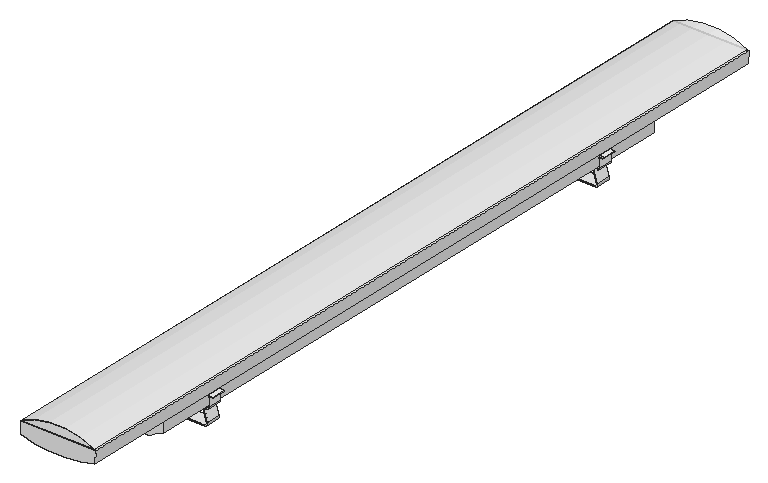
Revit family "Lighting-Industriale-GEWISS-SMART[3]PLUS-PLAFONIERA-LED_TRANSPARENTE_1200mm", category Apparecchi per illuminazione, host Superficie, Revit 2019
Family settings
  Host = Superficie
  Quota connettore circolare = Usa diametro
  Tipo di parte = Normale
  Taglio con vuoti quando caricato = No
  Sorgente d'illuminazione = Sì
  Condiviso = No
  Punto di calcolo locali = No
Parameters (values of type "GWS3223AT957 - SMART3 PLUS 1200 T.W.DALI HE TRASP 9 57")
  Wattage = 27 W
  Versione file RFA = "20.0"
  Variazione temperatura colore lampada con luminosità attenuata = (empty or 0)
  URL = "https://www.gewiss.com/it/it"
  Tipologia sorgente luminosa = "LED - Non sostituibile"
  Tipologia = "DALI"
  Tipo alimentatore = ""
  Tensione = "220-240 V "
  Temperatura di utilizzo = "-25 +50 °C"
  Temperatura di funzionamento = "-25 +50 °C"
  Temperatura di colore: = "5700 K (CRI > 90)"
  Temperatura di colore = "5700 K (CRI > 90)"
  built-in parameter 1150107 = 5700 (stored number, unit not read)
  Struttura = GEWISS - SMART 3 - GRIGIO
  Stampa 1_200 = no
  Stampa 1_100 = not(Stampa 1_200)  # yes
  Spostamento_Y_etichetta [instance] = 0 mm
  Spostamento_Y_effettivo_etichetta [instance] = 1500 mm - Spostamento_Y_etichetta  # 1500 mm
  Spostamento_X_etichetta [instance] = 0 mm
  Spostamento_X_effettivo_etichetta [instance] = 1500 mm - Spostamento_X_etichetta  # 1500 mm
  Schermo. = Gewiss - Led Acceso
  Schermo = "Trasparente"
  Scheda Tecnica = "https://www.gewiss.com/it/it/search?q=GWS3223AT957"
  SEO = "Plafoniera"
  Resistenza agli urti = "IK08"
  Default Elevation = 1219.2 mm
  Produttore = "GEWISS S.p.A."
  Potenza di sistema = "38 W"
  Peso (kg): = ""
  built-in parameter 1150110 = 1 (stored number, unit not read)
  built-in parameter 1150109 = 1 (stored number, unit not read)
  built-in parameter 1114218 = 1 (stored number, unit not read)
  built-in parameter 1150112 = 1 (stored number, unit not read)
  NÂ° LED (#) = ""
  Modello = "GWS3223AT957"
  built-in parameter 1150137 = (empty or 0)
  built-in parameter 1150132 = (empty or 0)
  Lunghezza Lampada = 1200 mm  # constant formula
  Lunghezza = "1200 mm"
  Lumen output (lm) = "4500"
  Lampada: = "LED"
  Lampada = "LED"
  LED LifeTime (L80B20) = ""
  LED Life time (L90B50) = ""
  LED Life time (L80B50) = ""
  LED Life time (L70) = ""
  built-in parameter 1150105 = 1406.7 (stored number, unit not read)
  built-in parameter 1150102 = (empty or 0)
  Type Image = GWS3136T.jpg
  built-in parameter 1150106 = 14.067 (stored number, unit not read)
  IFC.TypeObject = ""
  IFC.ExportType = ""
  IFC.ExportAs = ""
  IDT = "c46b9b55-ed1d-4068-afb8-069052944d3c"
  IDF = "6d42057e-bea4-468e-a295-0d920ddaea9f"
  Grado di protezione = "IP66/IP69"
  Glow Wire Test = "850°C"
  Garanzia = "5 anni"
  Ganci = GEWISS  - ALLUMINIO
  Flusso nominale (lm) = ""
  Lumens = 4010.63 lm
  Color Filter = 16777215
  File diagramma fotometrico = "GWS3223AT957.IES"
  built-in parameter 1114217 = 1 (stored number, unit not read)
  built-in parameter 1150139 = (empty or 0)
  Failure rate apparecchio (50.000h, Tq=25Â° C) = ""
  Failure rate apparecchio (35.000h, Tq=35Â° C) = ""
  Emetti da lunghezza linea = 1000 mm
  built-in parameter 1150104 = 13.8 (stored number, unit not read)
  built-in parameter 1150115 = 1 (stored number, unit not read)
  built-in parameter 1150114 = 1 (stored number, unit not read)
  built-in parameter 1150113 = 1 (stored number, unit not read)
  Descrizione = "SMART3 PLUS 1200 T.W.DALI HE TRASP 9 57"
  Creato da GEWISS S.p.A. = ""
  Commenti sul wattaggio = "20W"
  built-in parameter 1150134 = (empty or 0)
  built-in parameter 1150138 = (empty or 0)
  Codice Electrocod = "2434"
  Codice EAN = ""
  Classe isolamento = "II"
  Classe di efficienza LED integrati = "A ÷ A++"
  Catalogo Serie = "SMART[3] PLUS"
  Catalogo = "LIGHTING"
  Carico apparente = 20 VA
  COBie.Tagnumber = ""
  COBie.CreatedOn = ""
  COBie.CreatebBy = ""
  COBie.ComponentRegisterItemID = ""
  COBie.Component.TagNumber = ""
  COBie.Component.Space = ""
  COBie.Component.SerialNumber = ""
  COBie.Component.InstallationDate = ""
  COBie.Component.Description = ""
  COBie.Component.BarCode = ""
  Applicazione = "Interno"
  Apparecchio a ridotta temperatura superficiale = ""
  Tilt Angle = -90.00°
  built-in parameter 1150133 = 10 (stored number, unit not read)
Types (25, lengths in mm): name | Tipologia | Temperatura di colore: | Temperatura di colore | Scheda Tecnica | Potenza di sistema | Modello | Lumen output (lm) | IDT | File diagramma fotometrico | Descrizione | Commenti sul wattaggio | Carico apparente
  (no name) | "DALI" | "5700 K (CRI > 90)" | "5700 K (CRI > 90)" | "https://www.gewiss.com/it/it/search?q=GWS3223AT957" | "38 W" | "GWS3223AT957" | "4500" | "c46b9b55-ed1d-4068-afb8-069052944d3c" | "GWS3223AT957.IES" | "SMART3 PLUS 1200 T.W.DALI HE TRASP 9 57" | "20W" | 20 VA
  GWS3220AT830 - SMART3 PLUS 1200 ON/OFF HE TRASP 8 30 | "" | "3000 K (CRI > 80)" | "3000 K (CRI > 80)" | "https://www.gewiss.com/it/it/search?q=GWS3220AT830" | "36 W" | "GWS3220AT830" | "5400" | "cc03c640-083c-4dcd-9abc-138766095f55" | "GWS3220AT830.IES" | "SMART3 PLUS 1200 ON/OFF HE TRASP 8 30" | "20W" | 20 VA
  GWS3220AT840 - SMART3 PLUS 1200 ON/OFF HE TRASP 8 40 | "" | "4000 K (CRI > 80)" | "4000 K (CRI > 80)" | "https://www.gewiss.com/it/it/search?q=GWS3220AT840" | "36 W" | "GWS3220AT840" | "5700" | "09c3f415-a496-4e20-986e-db9e6c14fef6" | "GWS3220AT840.IES" | "SMART3 PLUS 1200 ON/OFF HE TRASP 8 40" | "20W" | 20 VA
  GWS3220AT857 - SMART3 PLUS 1200 ON/OFF HE TRASP 8 57 | "" | "5700 K (CRI > 80)" | "5700 K (CRI > 80)" | "https://www.gewiss.com/it/it/search?q=GWS3220AT857" | "36 W" | "GWS3220AT857" | "5700" | "ef93b854-6b58-44e9-89cc-111676d7b82c" | "GWS3220AT857.IES" | "SMART3 PLUS 1200 ON/OFF HE TRASP 8 57" | "20W" | 20 VA
  GWS3221AT940 - SMART3 PLUS 1200 DALI HE TRASP 9 40 | "DALI" | "4000 K (CRI > 90)" | "4000 K (CRI > 90)" | "https://www.gewiss.com/it/it/search?q=GWS3221AT940" | "38 W" | "GWS3221AT940" | "4500" | "fa073392-7059-461d-a72b-552a3fb30932" | "GWS3221AT940.IES" | "SMART3 PLUS 1200 DALI HE TRASP 9 40" | "43W" | 43 VA
  GWS3222AT957 - SMART3 PLUS 1200 T.W.ON/OFF HE TRASP 9 57 | "" | "5700 K (CRI > 90)" | "5700 K (CRI > 90)" | "https://www.gewiss.com/it/it/search?q=GWS3222AT957" | "36 W" | "GWS3222AT957" | "4500" | "c4d82c3d-998b-43e6-8a02-2a846538d6a9" | "GWS3222AT957.IES" | "SMART3 PLUS 1200 T.W.ON/OFF HE TRASP 9 57" | "43W" | 43 VA
  GWS3221AT957 - SMART3 PLUS 1200 DALI HE TRASP 9 57 | "DALI" | "5700 K (CRI > 90)" | "5700 K (CRI > 90)" | "https://www.gewiss.com/it/it/search?q=GWS3221AT957" | "38 W" | "GWS3221AT957" | "4500" | "e38578d1-f581-41d0-b7b6-87f1ffb61d1a" | "GWS3221AT957.IES" | "SMART3 PLUS 1200 DALI HE TRASP 9 57" | "43W" | 43 VA
  GWS3220AT930 - SMART3 PLUS 1200 ON/OFF HE TRASP 9 30 | "" | "3000 K (CRI > 90)" | "3000 K (CRI > 90)" | "https://www.gewiss.com/it/it/search?q=GWS3220AT930" | "36 W" | "GWS3220AT930" | "4200" | "076b8305-acf4-44ee-b39d-ceb1535875ca" | "GWS3220AT930.IES" | "SMART3 PLUS 1200 ON/OFF HE TRASP 9 30" | "22W" | 22 VA
  GWS3220AT940 - SMART3 PLUS 1200 ON/OFF HE TRASP 9 40 | "" | "4000 K (CRI > 90)" | "4000 K (CRI > 90)" | "https://www.gewiss.com/it/it/search?q=GWS3220AT940" | "36 W" | "GWS3220AT940" | "4500" | "84bb4263-5ebe-45e1-a908-42868858a568" | "GWS3220AT940.IES" | "SMART3 PLUS 1200 ON/OFF HE TRASP 9 40" | "22W" | 22 VA
  GWS3220AT957 - SMART3 PLUS 1200 ON/OFF HE TRASP 9 57 | "" | "5700 K (CRI > 90)" | "5700 K (CRI > 90)" | "https://www.gewiss.com/it/it/search?q=GWS3220AT957" | "36 W" | "GWS3220AT957" | "4500" | "b4a2678a-a64e-4b97-9546-12a220017e24" | "GWS3220AT957.IES" | "SMART3 PLUS 1200 ON/OFF HE TRASP 9 57" | "20W" | 20 VA
  GWS3221AT830 - SMART3 PLUS 1200 DALI HE TRASP 8 30 | "DALI" | "3000 K (CRI > 80)" | "3000 K (CRI > 80)" | "https://www.gewiss.com/it/it/search?q=GWS3221AT830" | "38 W" | "GWS3221AT830" | "5400" | "446ac764-e3ac-43df-b663-7ac397df601f" | "GWS3221AT830.IES" | "SMART3 PLUS 1200 DALI HE TRASP 8 30" | "20W" | 20 VA
  GWS3221AT840 - SMART3 PLUS 1200 DALI HE TRASP 8 40 | "DALI" | "4000 K (CRI > 80)" | "4000 K (CRI > 80)" | "https://www.gewiss.com/it/it/search?q=GWS3221AT840" | "38 W" | "GWS3221AT840" | "5700" | "7ccc98ee-2a29-4ff6-9500-64fec6a12d35" | "GWS3221AT840.IES" | "SMART3 PLUS 1200 DALI HE TRASP 8 40" | "20W" | 20 VA
  GWS3221AT857 - SMART3 PLUS 1200 DALI HE TRASP 8 57 | "DALI" | "5700 K (CRI > 80)" | "5700 K (CRI > 80)" | "https://www.gewiss.com/it/it/search?q=GWS3221AT857" | "38 W" | "GWS3221AT857" | "5700" | "0a1c8150-8b5a-4265-af17-518ff3480667" | "GWS3221AT857.IES" | "SMART3 PLUS 1200 DALI HE TRASP 8 57" | "22W" | 22 VA
  GWS3221AT930 - SMART3 PLUS 1200 DALI HE TRASP 9 30 | "DALI" | "3000 K (CRI > 90)" | "3000 K (CRI > 90)" | "https://www.gewiss.com/it/it/search?q=GWS3221AT930" | "38 W" | "GWS3221AT930" | "4200" | "6f68c8b0-19f3-4205-96cf-caa095b52e87" | "GWS3221AT930.IES" | "SMART3 PLUS 1200 DALI HE TRASP 9 30" | "22W" | 22 VA
  GWS3222AT840 - SMART3 PLUS 1200 T.W.ON/OFF HE TRASP 8 40 | "" | "4000 K (CRI > 80)" | "4000 K (CRI > 80)" | "https://www.gewiss.com/it/it/search?q=GWS3222AT840" | "36 W" | "GWS3222AT840" | "5700" | "27a7ed5a-4f35-49a6-8a6c-5898d2855acc" | "GWS3222AT840.IES" | "SMART3 PLUS 1200 T.W.ON/OFF HE TRASP 8 40" | "45W" | 45 VA
  GWS3222AT830 - SMART3 PLUS 1200 T.W.ON/OFF HE TRASP 8 30 | "" | "3000 K (CRI > 80)" | "3000 K (CRI > 80)" | "https://www.gewiss.com/it/it/search?q=GWS3222AT830" | "36 W" | "GWS3222AT830" | "5400" | "524bcf26-8372-489b-846e-3159a1fc7fc8" | "GWS3222AT830.IES" | "SMART3 PLUS 1200 T.W.ON/OFF HE TRASP 8 30" | "45W" | 45 VA
  GWS3222AT940 - SMART3 PLUS 1200 T.W.ON/OFF HE TRASP 9 40 | "" | "4000 K (CRI > 90)" | "4000 K (CRI > 90)" | "https://www.gewiss.com/it/it/search?q=GWS3222AT940" | "36 W" | "GWS3222AT940" | "4500" | "4ea5874f-d4c7-45e4-a779-2e53d76b34c1" | "GWS3222AT940.IES" | "SMART3 PLUS 1200 T.W.ON/OFF HE TRASP 9 40" | "43W" | 43 VA
  GWS3222AT857 - SMART3 PLUS 1200 T.W.ON/OFF HE TRASP 8 57 | "" | "5700 K (CRI > 80)" | "5700 K (CRI > 80)" | "https://www.gewiss.com/it/it/search?q=GWS3222AT857" | "36 W" | "GWS3222AT857" | "5700" | "7a26459e-3c96-4372-bbcf-8bb73ff3c29b" | "GWS3222AT857.IES" | "SMART3 PLUS 1200 T.W.ON/OFF HE TRASP 8 57" | "43W" | 43 VA
  GWS3223AT840 - SMART3 PLUS 1200 T.W.DALI HE TRASP 8 40 | "DALI" | "4000 K (CRI > 80)" | "4000 K (CRI > 80)" | "https://www.gewiss.com/it/it/search?q=GWS3223AT840" | "38 W" | "GWS3223AT840" | "5700" | "1b5356aa-910a-4b37-addc-99e573483462" | "GWS3223AT840.IES" | "SMART3 PLUS 1200 T.W.DALI HE TRASP 8 40" | "43W" | 43 VA
  GWS3222AT930 - SMART3 PLUS 1200 T.W.ON/OFF HE TRASP 9 30 | "" | "3000 K (CRI > 90)" | "3000 K (CRI > 90)" | "https://www.gewiss.com/it/it/search?q=GWS3222AT930" | "36 W" | "GWS3222AT930" | "4200" | "82cc36ae-f46d-44e4-ab60-56489764c269" | "GWS3222AT930.IES" | "SMART3 PLUS 1200 T.W.ON/OFF HE TRASP 9 30" | "45W" | 45 VA
  GWS3223AT830 - SMART3 PLUS 1200 T.W.DALI HE TRASP 8 30 | "DALI" | "3000 K (CRI > 80)" | "3000 K (CRI > 80)" | "https://www.gewiss.com/it/it/search?q=GWS3223AT830" | "38 W" | "GWS3223AT830" | "5400" | "e509e7ab-5415-430c-ab52-ed9dbecbe642" | "GWS3223AT830.IES" | "SMART3 PLUS 1200 T.W.DALI HE TRASP 8 30" | "45W" | 45 VA
  GWS3223AT857 - SMART3 PLUS 1200 T.W.DALI HE TRASP 8 57 | "DALI" | "5700 K (CRI > 80)" | "5700 K (CRI > 80)" | "https://www.gewiss.com/it/it/search?q=GWS3223AT857" | "38 W" | "GWS3223AT857" | "5700" | "0fb5b629-e0fb-4db4-a3f4-6404c6902af9" | "GWS3223AT857.IES" | "SMART3 PLUS 1200 T.W.DALI HE TRASP 8 57" | "56W" | 56 VA
  GWS3223AT930 - SMART3 PLUS 1200 T.W.DALI HE TRASP 9 30 | "DALI" | "3000 K (CRI > 90)" | "3000 K (CRI > 90)" | "https://www.gewiss.com/it/it/search?q=GWS3223AT930" | "38 W" | "GWS3223AT930" | "4200" | "5e02d956-57f0-445b-b64a-a93ea9ab1ae5" | "GWS3223AT930.IES" | "SMART3 PLUS 1200 T.W.DALI HE TRASP 9 30" | "56W" | 56 VA
  GWS3223AT940 - SMART3 PLUS 1200 T.W.DALI HE TRASP 9 40 | "DALI" | "4000 K (CRI > 90)" | "4000 K (CRI > 90)" | "https://www.gewiss.com/it/it/search?q=GWS3223AT940" | "38 W" | "GWS3223AT940" | "4500" | "5b0874d6-e961-4f56-bbd5-39bd58d15a8b" | "GWS3223AT940.IES" | "SMART3 PLUS 1200 T.W.DALI HE TRASP 9 40" | "20W" | 20 VA
  GWS3223AT957 - SMART3 PLUS 1200 T.W.DALI HE TRASP 9 57 | "DALI" | "5700 K (CRI > 90)" | "5700 K (CRI > 90)" | "https://www.gewiss.com/it/it/search?q=GWS3223AT957" | "38 W" | "GWS3223AT957" | "4500" | "c46b9b55-ed1d-4068-afb8-069052944d3c" | "GWS3223AT957.IES" | "SMART3 PLUS 1200 T.W.DALI HE TRASP 9 57" | "20W" | 20 VA
Values of the unnamed type that differ from the named types
  Variazione temperatura colore lampada con luminosità attenuata = <Nessuno>
Reference planes
  plane 1 "Centro (Fronte/Retro)": y = 0
  plane 2: z = 0
  plane 3 "Centro (Sinistra/Destra)": x = 0
  plane 4: x = -1500
  plane 5: y = -1500
  plane 6: x = 0
  plane 7: y = 0
Forms (mm)
  Extrusion 1, solid, material "GEWISS  - ALLUMINIO" <- "Ganci", detail levels medium+fine
    sketch origin (0, 0, 0) x (1, 0, 0) y (0, 0, 1)
      loop
        arc (31.431, -0.002) -> (34.576, 1.589) -> (35.156, 5.066) r 3.903
        line (35.156, 5.066) -> (29.612, 23.211)
        arc (29.612, 23.211) -> (29.883, 24.381) -> (31.032, 24.73) r 1.2
        line (31.032, 24.73) -> (34.307, 23.974)
        arc (34.307, 23.974) -> (36.765, 24.53) -> (37.859, 26.8) r 2.9
        line (37.859, 26.8) -> (37.859, 38.8)
        arc (37.859, 38.8) -> (37.648, 39.694) -> (37.059, 40.4) r 2
        line (37.059, 40.4) -> (37.059, 42.71) -> (42.861, 40.598) -> (43.203, 41.538) -> (37.53, 43.603)
        arc (37.53, 43.603) -> (37.019, 43.613) -> (36.605, 43.311) r 0.8
        line (36.605, 43.311) -> (36.306, 26.139)
        arc (36.306, 26.139) -> (35.6, 25.444) -> (34.616, 25.34) r 1.5
        line (34.616, 25.34) -> (31.344, 26.095)
        arc (31.344, 26.095) -> (28.858, 25.335) -> (28.273, 22.802) r 2.6
        line (28.273, 22.802) -> (33.827, 4.636)
        arc (33.827, 4.636) -> (33.449, 2.415) -> (31.438, 1.4) r 2.5
        line (31.438, 1.4) -> (-31.437, 1.4)
        arc (-31.437, 1.4) -> (-33.449, 2.415) -> (-33.827, 4.636) r 2.5
        line (-33.827, 4.636) -> (-28.273, 22.802)
        arc (-28.273, 22.802) -> (-28.858, 25.335) -> (-31.344, 26.095) r 2.6
        line (-31.344, 26.095) -> (-34.616, 25.34)
        arc (-34.616, 25.34) -> (-35.6, 25.444) -> (-36.306, 26.139) r 1.5
        line (-36.306, 26.139) -> (-36.605, 43.311)
        arc (-36.605, 43.311) -> (-37.019, 43.613) -> (-37.53, 43.603) r 0.8
        line (-37.53, 43.603) -> (-43.203, 41.538) -> (-42.861, 40.598) -> (-37.059, 42.71) -> (-37.059, 40.4)
        arc (-37.059, 40.4) -> (-37.648, 39.694) -> (-37.859, 38.8) r 2
        line (-37.859, 38.8) -> (-37.859, 26.8)
        arc (-37.859, 26.8) -> (-36.765, 24.53) -> (-34.307, 23.974) r 2.9
        line (-34.307, 23.974) -> (-31.032, 24.73)
        arc (-31.032, 24.73) -> (-29.883, 24.381) -> (-29.612, 23.211) r 1.2
        line (-29.612, 23.211) -> (-35.156, 5.066)
        arc (-35.156, 5.066) -> (-34.576, 1.589) -> (-31.431, -0.002) r 3.903
        line (-31.431, -0.002) -> (31.431, -0.002)
    from 348.766 to 368.766
  Extrusion 2, solid, material "GEWISS  - ALLUMINIO" <- "Ganci", detail levels medium+fine
    sketch origin (0, 0, 0) x (1, 0, 0) y (0, 0, -1)
      loop
        line (31.431, 0.002) -> (-31.431, 0.002)
        arc (-31.431, 0.002) -> (-34.576, -1.589) -> (-35.156, -5.066) r 3.903
        line (-35.156, -5.066) -> (-29.612, -23.211)
        arc (-29.612, -23.211) -> (-29.883, -24.381) -> (-31.032, -24.73) r 1.2
        line (-31.032, -24.73) -> (-34.307, -23.974)
        arc (-34.307, -23.974) -> (-36.765, -24.53) -> (-37.859, -26.8) r 2.9
        line (-37.859, -26.8) -> (-37.859, -38.8)
        arc (-37.859, -38.8) -> (-37.648, -39.694) -> (-37.059, -40.4) r 2
        line (-37.059, -40.4) -> (-37.059, -42.71) -> (-42.861, -40.598) -> (-43.203, -41.538) -> (-37.53, -43.603)
        arc (-37.53, -43.603) -> (-37.019, -43.613) -> (-36.605, -43.311) r 0.8
        line (-36.605, -43.311) -> (-36.306, -26.139)
        arc (-36.306, -26.139) -> (-35.6, -25.444) -> (-34.616, -25.34) r 1.5
        line (-34.616, -25.34) -> (-31.344, -26.095)
        arc (-31.344, -26.095) -> (-28.858, -25.335) -> (-28.273, -22.802) r 2.6
        line (-28.273, -22.802) -> (-33.827, -4.636)
        arc (-33.827, -4.636) -> (-33.449, -2.415) -> (-31.437, -1.4) r 2.5
        line (-31.437, -1.4) -> (31.438, -1.4)
        arc (31.438, -1.4) -> (33.449, -2.415) -> (33.827, -4.636) r 2.5
        line (33.827, -4.636) -> (28.273, -22.802)
        arc (28.273, -22.802) -> (28.858, -25.335) -> (31.344, -26.095) r 2.6
        line (31.344, -26.095) -> (34.616, -25.34)
        arc (34.616, -25.34) -> (35.6, -25.444) -> (36.306, -26.139) r 1.5
        line (36.306, -26.139) -> (36.605, -43.311)
        arc (36.605, -43.311) -> (37.019, -43.613) -> (37.53, -43.603) r 0.8
        line (37.53, -43.603) -> (43.203, -41.538) -> (42.861, -40.598) -> (37.059, -42.71) -> (37.059, -40.4)
        arc (37.059, -40.4) -> (37.648, -39.694) -> (37.859, -38.8) r 2
        line (37.859, -38.8) -> (37.859, -26.8)
        arc (37.859, -26.8) -> (36.765, -24.53) -> (34.307, -23.974) r 2.9
        line (34.307, -23.974) -> (31.032, -24.73)
        arc (31.032, -24.73) -> (29.883, -24.381) -> (29.612, -23.211) r 1.2
        line (29.612, -23.211) -> (35.156, -5.066)
        arc (35.156, -5.066) -> (34.576, -1.589) -> (31.431, 0.002) r 3.903
    from 348.766 to 368.766
  Extrusion 3, solid, material "GEWISS - SMART 3 - GRIGIO" <- "Struttura", detail levels medium+fine
    sketch origin (0, 0, 0) x (1, 0, 0) y (0, 0, 1)
      loop
        line (-36.331, 55.757) -> (-35.847, 28.018)
        arc (-35.847, 28.018) -> (-33.139, 27.27) -> (-30.416, 26.58) r 129.5
        arc (-30.416, 26.58) -> (-28.066, 25.76) -> (-25.915, 24.506) r 13
        arc (-25.915, 24.506) -> (-24.23, 23.324) -> (-22.521, 22.178) r 99.5
        arc (-22.521, 22.178) -> (-16.401, 19.063) -> (-9.748, 17.365) r 31.146
        line (-9.748, 17.365) -> (12.491, 17.365)
        arc (12.491, 17.365) -> (17.822, 19.098) -> (22.764, 21.745) r 31.646
        arc (22.764, 21.745) -> (24.509, 22.915) -> (26.228, 24.122) r 100
        arc (26.228, 24.122) -> (28.283, 25.313) -> (30.525, 26.095) r 12.5
        arc (30.525, 26.095) -> (33.437, 26.834) -> (36.332, 27.64) r 130
        line (36.332, 27.64) -> (36.824, 55.851)
        arc (36.824, 55.851) -> (24.914, 53.937) -> (12.909, 52.764) r 195.047
        line (12.909, 52.764) -> (-12.909, 52.764)
        arc (-12.909, 52.764) -> (-24.665, 53.905) -> (-36.331, 55.757) r 195.047
    from -450 to 450
  Extrusion 4, solid, material "GEWISS - SMART 3 - GRIGIO" <- "Struttura", detail levels medium+fine
    sketch origin (0, 0, 0) x (1, 0, 0) y (0, 0, 1)
      loop
        line (54.725, 60.184) -> (55.177, 77.445) -> (-55.177, 77.445) -> (-54.725, 60.184)
        arc (-54.725, 60.184) -> (-34.019, 55.332) -> (-12.909, 52.764) r 195.047
        line (-12.909, 52.764) -> (12.909, 52.764)
        arc (12.909, 52.764) -> (34.019, 55.332) -> (54.725, 60.184) r 195.047
    from -600 to 600
  Extrusion 5, solid, material "Gewiss - Led Acceso" <- "Schermo.", detail levels medium+fine
    sketch origin (0, 0, 0) x (1, 0, 0) y (0, 0, 1)
      loop
        arc (54.697, 78.441) -> (-0.014, 90.457) -> (-54.723, 78.429) r 130.5
        arc (-54.723, 78.429) -> (-54.988, 77.838) -> (-54.5, 77.445) r 0.5
        line (-54.5, 77.445) -> (54.479, 77.445)
        arc (54.479, 77.445) -> (54.988, 77.855) -> (54.697, 78.441) r 0.522
    from -600 to 600
  Extrusion 6, solid, material "GEWISS - SMART 3 - GRIGIO" <- "Struttura", detail levels coarse
    sketch origin (0, 0, 0) x (1, 0, 0) y (0, 0, 1)
      loop
        line (-54.5, 90.439) -> (-54.5, 0) -> (54.5, 0) -> (54.5, 90.439) -> (-54.5, 90.439)
    from -600 to 600
Lines and regions (mm)
  Masking region 1
    outline origin (0, 0, 0) x (1, 0, 0) y (0, 1, 0)
      loop
        line (-55.177, 600) -> (-55.177, -600) -> (55.177, -600) -> (55.177, 600) -> (-55.177, 600)
  symbolic lines, style "GEWISS - LIGHT 2D"
    curve 1: line (0, 488.766, 0) -> (0, -491.234, 0)
Dimensions and locks
  plane 4 to plane 3 "Centro (Sinistra/Destra)" = 1500 mm
  "Spostamento_X_effettivo_etichetta": plane 4 to plane 6
  plane 1 "Centro (Fronte/Retro)" to plane 5 = 1500 mm
  "Spostamento_Y_effettivo_etichetta": plane 7 to plane 5
  aligned and locked: plane 2 to host face
  aligned and locked: level to host face
  aligned and locked: Masking region 1 sketch curve to Extrusion 4  (x4)
  aligned and locked: plane 6 to nested 1
  aligned and locked: nested 1 to plane 7
  aligned and locked: curve 1 to plane 3 "Centro (Sinistra/Destra)"
Automatic sketch dimensions
  host sketch curve to host sketch curve = 2438.4 mm  (x2)
  Extrusion 1 sketch curve to Extrusion 1 sketch curve = 0 mm  (x28)
  Extrusion 1 sketch curve to plane 3 "Centro (Sinistra/Destra)" = 43.203 mm
  level to Extrusion 1 sketch curve = 40.598 mm
  Extrusion 1 sketch curve to Extrusion 1 sketch curve = 0.342 mm  (x2)
  Extrusion 1 sketch curve to Extrusion 1 sketch curve = 5.002 mm  (x2)
  Extrusion 1 sketch curve to Extrusion 1 sketch curve = 0.329 mm
  Extrusion 1 sketch curve to Extrusion 1 sketch curve = 0.271 mm  (x2)
  Extrusion 1 sketch curve to Extrusion 1 sketch curve = 0.8 mm  (x2)
  Extrusion 1 sketch curve to Extrusion 1 sketch curve = 0.454 mm  (x2)
  Extrusion 1 sketch curve to Extrusion 1 sketch curve = 1.554 mm
  Extrusion 1 sketch curve to Extrusion 1 sketch curve = 2 mm
  level to Extrusion 1 sketch curve = 5.066 mm  (x2)
  Extrusion 1 sketch curve to Extrusion 1 sketch curve = 1.15 mm
  Extrusion 1 sketch curve to Extrusion 1 sketch curve = 1.346 mm  (x2)
  Extrusion 1 sketch curve to Extrusion 1 sketch curve = 0.343 mm  (x2)
  level to Extrusion 1 sketch curve = 4.636 mm  (x2)
  Extrusion 1 sketch curve to Extrusion 1 sketch curve = 1.329 mm  (x2)
  level to Extrusion 1 sketch curve = 1.4 mm
  Extrusion 1 sketch curve to Extrusion 1 sketch curve = 2.389 mm  (x2)
  Extrusion 1 sketch curve to Extrusion 1 sketch curve = 0.007 mm  (x2)
  Extrusion 1 sketch curve to Extrusion 1 sketch curve = 3.584 mm  (x2)
  Extrusion 1 sketch curve to Extrusion 1 sketch curve = 0.273 mm  (x2)
  plane 3 "Centro (Sinistra/Destra)" to Extrusion 1 sketch curve = 30.759 mm
  Extrusion 1 sketch curve to level = 0.002 mm
  Extrusion 1 sketch curve to Extrusion 1 sketch curve = 0.672 mm
  Extrusion 1 sketch curve to Extrusion 1 sketch curve = 0.9 mm
  level to Extrusion 1 sketch curve = 26.139 mm
  Extrusion 1 sketch curve to Extrusion 1 sketch curve = 0.746 mm
  Extrusion 1 sketch curve to Extrusion 1 sketch curve = 0.2 mm
  Extrusion 1 sketch curve to Extrusion 1 sketch curve = 2.577 mm
  Extrusion 1 sketch curve to Extrusion 1 sketch curve = 18.496 mm
  Extrusion 1 sketch curve to Extrusion 1 sketch curve = 1.169 mm  (x2)
  Extrusion 1 sketch curve to Extrusion 1 sketch curve = 0.799 mm  (x2)
  Extrusion 1 sketch curve to Extrusion 1 sketch curve = 0.609 mm
  Extrusion 1 sketch curve to Extrusion 1 sketch curve = 1.798 mm  (x2)
  Extrusion 1 sketch curve to Extrusion 1 sketch curve = 12 mm
  Extrusion 1 sketch curve to Extrusion 1 sketch curve = 0.94 mm  (x2)
  Extrusion 1 sketch curve to Extrusion 1 sketch curve = 0.14 mm  (x2)
  Extrusion 1 sketch curve to Extrusion 1 sketch curve = 0.309 mm  (x2)
  Extrusion 1 sketch curve to Extrusion 1 sketch curve = 0.312 mm  (x2)
  Extrusion 1 sketch curve to Extrusion 1 sketch curve = 1.148 mm  (x2)
  Extrusion 1 sketch curve to Extrusion 1 sketch curve = 1.339 mm
  Extrusion 1 sketch curve to Extrusion 1 sketch curve = 2.486 mm
  Extrusion 1 sketch curve to Extrusion 1 sketch curve = 0.409 mm  (x2)
  Extrusion 2 sketch curve to Extrusion 2 sketch curve = 0 mm  (x28)
  Extrusion 2 sketch curve to plane 3 "Centro (Sinistra/Destra)" = 43.203 mm
  level to Extrusion 2 sketch curve = 40.598 mm
  Extrusion 2 sketch curve to Extrusion 2 sketch curve = 0.342 mm  (x2)
  Extrusion 2 sketch curve to Extrusion 2 sketch curve = 5.002 mm  (x2)
  Extrusion 2 sketch curve to Extrusion 2 sketch curve = 0.329 mm
  Extrusion 2 sketch curve to Extrusion 2 sketch curve = 0.271 mm  (x2)
  Extrusion 2 sketch curve to Extrusion 2 sketch curve = 0.8 mm  (x2)
  Extrusion 2 sketch curve to Extrusion 2 sketch curve = 0.454 mm  (x2)
  Extrusion 2 sketch curve to Extrusion 2 sketch curve = 1.554 mm
  Extrusion 2 sketch curve to Extrusion 2 sketch curve = 2 mm
  level to Extrusion 2 sketch curve = 5.066 mm  (x2)
  Extrusion 2 sketch curve to Extrusion 2 sketch curve = 1.15 mm
  Extrusion 2 sketch curve to Extrusion 2 sketch curve = 1.346 mm  (x2)
  Extrusion 2 sketch curve to Extrusion 2 sketch curve = 0.343 mm  (x2)
  level to Extrusion 2 sketch curve = 4.636 mm  (x2)
  Extrusion 2 sketch curve to Extrusion 2 sketch curve = 1.329 mm  (x2)
  level to Extrusion 2 sketch curve = 1.4 mm
  Extrusion 2 sketch curve to Extrusion 2 sketch curve = 2.389 mm  (x2)
  Extrusion 2 sketch curve to Extrusion 2 sketch curve = 0.007 mm  (x2)
  Extrusion 2 sketch curve to Extrusion 2 sketch curve = 3.584 mm  (x2)
  Extrusion 2 sketch curve to Extrusion 2 sketch curve = 0.273 mm  (x2)
  plane 3 "Centro (Sinistra/Destra)" to Extrusion 2 sketch curve = 30.759 mm
  Extrusion 2 sketch curve to level = 0.002 mm
  Extrusion 2 sketch curve to Extrusion 2 sketch curve = 0.672 mm
  Extrusion 2 sketch curve to Extrusion 2 sketch curve = 0.9 mm
  level to Extrusion 2 sketch curve = 26.139 mm
  Extrusion 2 sketch curve to Extrusion 2 sketch curve = 0.746 mm
  Extrusion 2 sketch curve to Extrusion 2 sketch curve = 0.2 mm
  Extrusion 2 sketch curve to Extrusion 2 sketch curve = 14.46 mm
  Extrusion 2 sketch curve to Extrusion 2 sketch curve = 0.94 mm  (x2)
  Extrusion 2 sketch curve to Extrusion 2 sketch curve = 0.14 mm  (x2)
  Extrusion 2 sketch curve to Extrusion 2 sketch curve = 2.31 mm  (x2)
  Extrusion 2 sketch curve to Extrusion 2 sketch curve = 12 mm
  Extrusion 2 sketch curve to Extrusion 2 sketch curve = 0.661 mm  (x2)
  Extrusion 2 sketch curve to Extrusion 2 sketch curve = 0.609 mm  (x2)
  Extrusion 2 sketch curve to Extrusion 2 sketch curve = 1.169 mm  (x2)
  Extrusion 2 sketch curve to Extrusion 2 sketch curve = 0.309 mm  (x2)
  Extrusion 2 sketch curve to Extrusion 2 sketch curve = 0.312 mm  (x2)
  Extrusion 2 sketch curve to Extrusion 2 sketch curve = 1.148 mm  (x2)
  Extrusion 2 sketch curve to Extrusion 2 sketch curve = 1.339 mm
  Extrusion 2 sketch curve to Extrusion 2 sketch curve = 2.486 mm
  Extrusion 2 sketch curve to Extrusion 2 sketch curve = 1.365 mm  (x2)
  Extrusion 3 sketch curve to plane 3 "Centro (Sinistra/Destra)" = 36.331 mm
  Extrusion 3 sketch curve to Extrusion 3 sketch curve = 0.484 mm
  Extrusion 3 sketch curve to Extrusion 3 sketch curve = 2.34 mm
  Extrusion 3 sketch curve to plane 3 "Centro (Sinistra/Destra)" = 32.068 mm
  Extrusion 3 sketch curve to plane 3 "Centro (Sinistra/Destra)" = 12.909 mm
  Extrusion 3 sketch curve to plane 3 "Centro (Sinistra/Destra)" = 9.748 mm
  Extrusion 3 sketch curve to plane 3 "Centro (Sinistra/Destra)" = 5.421 mm
  Extrusion 3 sketch curve to plane 3 "Centro (Sinistra/Destra)" = 0.057 mm
  Extrusion 3 sketch curve to plane 3 "Centro (Sinistra/Destra)" = 0.007 mm
  Extrusion 3 sketch curve to plane 3 "Centro (Sinistra/Destra)" = 0.001 mm
  plane 3 "Centro (Sinistra/Destra)" to Extrusion 3 sketch curve = 0.057 mm
  plane 3 "Centro (Sinistra/Destra)" to Extrusion 3 sketch curve = 5.412 mm
  plane 3 "Centro (Sinistra/Destra)" to Extrusion 3 sketch curve = 12.491 mm
  Extrusion 3 sketch curve to Extrusion 3 sketch curve = 7.496 mm
  plane 3 "Centro (Sinistra/Destra)" to Extrusion 3 sketch curve = 32.059 mm
  Extrusion 3 sketch curve to Extrusion 3 sketch curve = 21.008 mm
  Extrusion 3 sketch curve to Extrusion 3 sketch curve = 2.833 mm
  Extrusion 3 sketch curve to Extrusion 3 sketch curve = 23.916 mm
  level to Extrusion 3 sketch curve = 13.953 mm  (x2)
  level to Extrusion 3 sketch curve = 17.365 mm  (x2)
  Extrusion 3 sketch curve to Extrusion 3 sketch curve = 13.687 mm
  Extrusion 3 sketch curve to Extrusion 3 sketch curve = 14.064 mm
  Extrusion 3 sketch curve to Extrusion 3 sketch curve = 30.844 mm
  Extrusion 3 sketch curve to Extrusion 3 sketch curve = 0 mm  (x3)
  Extrusion 3 sketch curve to Extrusion 3 sketch curve = 4.555 mm
  Extrusion 3 sketch curve to Extrusion 3 sketch curve = 2.993 mm
  Extrusion 3 sketch curve to Extrusion 3 sketch curve = 3.087 mm
  Extrusion 3 sketch curve to Extrusion 3 sketch curve = 49.52 mm
  Extrusion 3 sketch curve to Extrusion 3 sketch curve = 49.615 mm
  Extrusion 3 sketch curve to Extrusion 3 sketch curve = 47.089 mm
  Extrusion 3 sketch curve to Extrusion 3 sketch curve = 5.431 mm
  Extrusion 3 sketch curve to Extrusion 3 sketch curve = 4.5 mm
  Extrusion 3 sketch curve to Extrusion 3 sketch curve = 10.273 mm
  Extrusion 3 sketch curve to Extrusion 3 sketch curve = 3.465 mm
  Extrusion 3 sketch curve to Extrusion 3 sketch curve = 4.297 mm
  Extrusion 4 sketch curve to plane 3 "Centro (Sinistra/Destra)" = 55.177 mm
  Extrusion 4 sketch curve to Extrusion 4 sketch curve = 0.452 mm  (x2)
  Extrusion 4 sketch curve to plane 3 "Centro (Sinistra/Destra)" = 12.909 mm
  Extrusion 4 sketch curve to plane 3 "Centro (Sinistra/Destra)" = 0.057 mm
  plane 3 "Centro (Sinistra/Destra)" to Extrusion 4 sketch curve = 0.057 mm
  plane 3 "Centro (Sinistra/Destra)" to Extrusion 4 sketch curve = 12.909 mm
  Extrusion 4 sketch curve to Extrusion 4 sketch curve = 41.816 mm
  level to Extrusion 4 sketch curve = 52.764 mm
  Extrusion 4 sketch curve to Extrusion 4 sketch curve = 7.42 mm  (x2)
  Extrusion 4 sketch curve to Extrusion 4 sketch curve = 17.262 mm
  Extrusion 5 sketch curve to plane 3 "Centro (Sinistra/Destra)" = 0 mm
  Extrusion 5 sketch curve to plane 3 "Centro (Sinistra/Destra)" = 54.5 mm
  plane 3 "Centro (Sinistra/Destra)" to Extrusion 5 sketch curve = 54.479 mm
  Extrusion 5 sketch curve to level = 40.043 mm
  level to Extrusion 5 sketch curve = 77.445 mm
  Extrusion 5 sketch curve to Extrusion 5 sketch curve = 0.5 mm
  Extrusion 5 sketch curve to Extrusion 5 sketch curve = 0.522 mm
  Extrusion 5 sketch curve to Extrusion 5 sketch curve = 0.21 mm
  Extrusion 5 sketch curve to Extrusion 5 sketch curve = 0.014 mm
  Extrusion 5 sketch curve to Extrusion 5 sketch curve = 0 mm
  Extrusion 6 sketch curve to level = 0 mm
  Extrusion 6 sketch curve to plane 3 "Centro (Sinistra/Destra)" = 54.5 mm
  plane 3 "Centro (Sinistra/Destra)" to Extrusion 6 sketch curve = 54.5 mm
  Extrusion 6 sketch curve to Extrusion 6 sketch curve = 90.439 mm
  plane 1 "Centro (Fronte/Retro)" to curve 1 = 491.234 mm
  curve 1 to plane 1 "Centro (Fronte/Retro)" = 488.766 mm
Nested families
  nested 1: "ETICHETTA WATTAGGIO" at (0, 0, 0), type "ETICHETTA WATTAGGIO"
Connectors
  electrical at (0, 0, 0), driven by "Carico apparente"
    settings: on Masking region 1, index 1, voltage 230 V, apparent load 0 VA, apparent load phase1 20 VA, apparent load phase2 0 VA, apparent load phase3 0 VA, power factor 1, load classification "Illuminazione", number of poles 2, system type 31, power factor state 1, is connector primary yes, connector utility no, sub classification motor no, connector description ""
Definition of nested family "ETICHETTA WATTAGGIO"
  Parameters (values of type "ETICHETTA WATTAGGIO")
    GW - Potenza di sistema = ""
    GW - Numero LED = ""
    COMMENTI = "13W"
    1_200 = no
    1_100 = yes
  Reference planes
    plane 1: y = 0
    plane 2: x = 0
  Text (mm)
    label "GW - Potenza di sistema\nGW - Numero LED LED" at (-0.057, -0.214, 0), shows "GW - Potenza di sistema", "GW - Numero LED", visible <- "1_100"
    label "GW - Potenza di sistema\nGW - Numero LED LED " at (-0.057, -0.214, 0), shows "GW - Potenza di sistema", "GW - Numero LED", visible <- "1_200"
